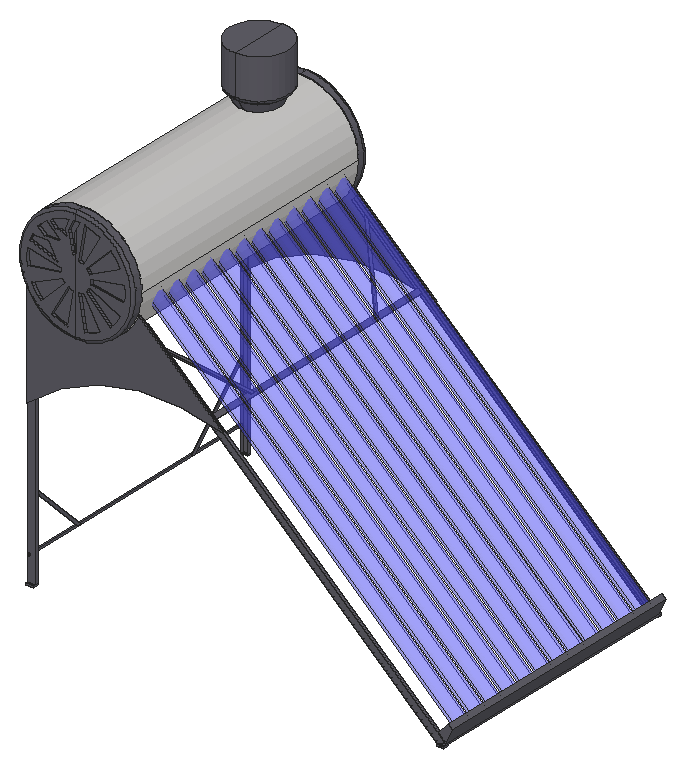
Revit family
Parameters (values of type "1180 X 470 SOL-110-LP")
  Width = 1100 mm
  URL = "http://www.autospec.co.za/browse.php?id=201327504"
  Radius Of Tube = Diameter Of Tube / 2  # 29 mm
  Radius Of Heater = Diameter Of Heater / 2  # 235 mm
  Product Code = "SOL-110-LP"
  Operating Pressure = 0 kPa
  OmniClass Title = ""
  OmniClass Number = ""
  Modspec Classification = ""
  Specification = ""
  Material = Galvanised Steel
  Mass (Kg) = "30"
  Location (revit room) = ""
  Model = "Solar Water Heater Low Pressure Closed Coupled Direct System"
  Manufacturer = "Kwikot"  # constant formula
  Length = 1700 mm
  Height = 1100 mm
  Element Rating = 0 kW
  Width Of Heater = Width + 80 mm  # 1180 mm
  Diameter Of Tube = 58 mm
  Diameter Of Heater = 470 mm
  Cap Material = Metal Black
  Colour = none
  Capacity (Litres) = 110.00 L
  Body Finish = none
  Assembly Code = "D3010500"
Reference planes
  plane 1 "Center (Front/Back)": y = 0
  plane 2 "Bottom": z = 0
  plane 3 "Center (Left/Right)": x = 0
  plane 4 "Right": x = 1700
  plane 5: y = 1100
  plane 6 "Top": z = 1100
  plane 7: y = 550
  plane 8: x = 470
  plane 9: y = 1140
  plane 10: y = -40
  plane 11: x = 235
Forms (mm)
  Extrusion 1, solid, material "Metal Black"
    sketch origin (0, 0, 0) x (1, 0, 0) y (0, 1, 0)
      loop
        line (0, 0) -> (30, 0) -> (30, 20) -> (0, 20) -> (0, 0)
      loop
        line (0, 1100) -> (0, 1090) -> (30, 1090) -> (30, 1100) -> (0, 1100)
      loop
        line (1700, 1100) -> (1670, 1100) -> (1670, 1090) -> (1700, 1090) -> (1700, 1100)
      loop
        line (1700, 0) -> (1700, 20) -> (1670, 20) -> (1670, 0) -> (1700, 0)
    from 0 to 5
  Extrusion 2, solid, material "Metal Black"
    sketch origin (0, 0, 0) x (1, 0, 0) y (0, 1, 0)
      loop
        line (0, 20) -> (0, 10) -> (30, 10) -> (30, 20) -> (27.5, 20) -> (27.5, 12.5) -> (2.5, 12.5) -> (2.5, 20) -> (0, 20)
    from 0 to 1100
  Extrusion 3, solid, material "Metal Black"
    sketch origin (0, 1100, 0) x (1, 0, 0) y (0, 1, 0)
      loop
        line (0, -10) -> (2.5, -10) -> (2.5, -2.5) -> (27.5, -2.5) -> (27.5, -10) -> (30, -10) -> (30, 0) -> (0, 0) -> (0, -10)
    from 0 to 1100
  Extrusion 4, solid, material "Galvanised Steel"
    sketch origin (-115.446, 550, 1200) x (-1, 0, 0) y (0, 0, 1)
      loop
        circle (-350.446, 25) r 235
    from -550 to 550
  Sweep 5, solid, material "Metal Black"
    path origin (0, 0, 0) x (1, 0, 0) y (0, 0, 1)
      loop
        line (470, 1100) -> (1685, 5)
    profile origin (1077.5, 0, 552.5) x (0.669471, 0, 0.742838) y (0, -1, 0)
      loop
        line (15, -10) -> (-15, -10) -> (-15, -20) -> (-12.5, -20) -> (-12.5, -12.5) -> (12.5, -12.5) -> (12.5, -20) -> (15, -20) -> (15, -10)
  Extrusion 6, solid, material "Metal Black"
    sketch origin (0, 0, 0) x (1, 0, 0) y (0, 0, 1)
      loop
        line (793.482, 828.66) -> (452.486, 1135.977)
        arc (452.486, 1135.977) -> (255.225, 990.872) -> (36.003, 1100) r 235
        line (36.003, 1100) -> (0, 1100) -> (0, 660)
        arc (0, 660) -> (374.424, 849.324) -> (793.482, 828.66) r 820
    from -10 to -5
  Sweep 7, solid, material "Metal Black"
    path origin (-115.446, 1100, 1200) x (-1, 0, 0) y (0, 0, 1)
      loop
        line (-585.446, -100) -> (-1800.446, -1195)
    profile origin (1077.5, 1100, 552.5) x (-0.669471, 0, -0.742838) y (0, 1, 0)
      loop
        line (-15, -10) -> (-15, -20) -> (-12.5, -20) -> (-12.5, -12.5) -> (12.5, -12.5) -> (12.5, -20) -> (15, -20) -> (15, -10) -> (-15, -10)
  Extrusion 8, solid, material "Metal Black"
    sketch origin (-115.446, 1100, 1200) x (-1, 0, 0) y (0, 0, 1)
      loop
        arc (-908.928, -371.34) -> (-489.87, -350.676) -> (-115.446, -540) r 820
        line (-115.446, -540) -> (-115.446, -100) -> (-151.448, -100)
        arc (-151.448, -100) -> (-370.671, -209.128) -> (-567.931, -64.023) r 235
        line (-567.931, -64.023) -> (-908.928, -371.34)
    from -10 to -5
  Extrusion 9, solid, material "Metal Black"
    sketch origin (0, 0, 0) x (0, 1, 0) y (0, 0, 1)
      loop
        line (10, 110) -> (10, 100) -> (1090, 100) -> (1090, 110) -> (10, 110)
      loop
        line (1100, 1100) -> (10, 1100) -> (10, 1080) -> (1100, 1080) -> (1100, 1100)
    from 2.5 to 5
  Extrusion 10, solid, material "Metal Black"
    sketch origin (0, 0, 0) x (0, 1, 0) y (0, 0, 1)
      loop
        line (845, 105) -> (1085, 345) -> (1085, 359.142) -> (830.858, 105) -> (845, 105)
      loop
        line (255, 105) -> (269.142, 105) -> (15, 359.142) -> (15, 345) -> (255, 105)
      loop
        line (845, 1095) -> (830.858, 1095) -> (1085, 840.858) -> (1085, 855) -> (845, 1095)
      loop
        line (255, 1095) -> (15, 855) -> (15, 840.858) -> (269.142, 1095) -> (255, 1095)
    from 5 to 7.5
  Revolve 11, solid, material "Metal Black"
    sketch origin (235, -179.961, 1200) x (0, -1, 0) y (0, 0, 1)
      loop
        line (-1279.961, 25) -> (-1279.961, 260) -> (-1309.961, 260)
        arc (-1309.961, 260) -> (-1317.032, 257.071) -> (-1319.961, 250) r 10
        line (-1319.961, 250) -> (-1319.961, 25) -> (-1279.961, 25)
      axis (-1319.961, 25) -> (-1279.961, 25)
    angle from 0 to 360
  Revolve 12, solid, material "Metal Black"
    sketch origin (235, 1279.961, 1200) x (0, 1, 0) y (0, 0, -1)
      loop
        line (-1279.961, -25) -> (-1319.961, -25) -> (-1319.961, -250)
        arc (-1319.961, -250) -> (-1317.032, -257.071) -> (-1309.961, -260) r 10
        line (-1309.961, -260) -> (-1279.961, -260) -> (-1279.961, -25)
      axis (-1319.961, -25) -> (-1279.961, -25)
    angle from 0 to 360
  Extrusion 13, solid, material "Metal Black"
    sketch origin (461.632, 1080, 1090.715) x (0.742838, 0, -0.669471) y (0, 1, 0)
      loop
        line (352.68, 7.5) -> (352.68, -1067.5) -> (372.68, -1067.5) -> (372.68, 7.5) -> (352.68, 7.5)
    from 0 to 2.5
  Extrusion 14, solid, material "Metal Black"
    sketch origin (463.305, 1080, 1092.572) x (0.742838, 0, -0.669471) y (0, 1, 0)
      loop
        line (362.68, -849.979) -> (362.68, -837.457) -> (60.72, -1065) -> (77.337, -1065) -> (362.68, -849.979)
      loop
        line (80.654, 2.5) -> (64.038, 2.5) -> (362.68, -222.543) -> (362.68, -210.021) -> (80.654, 2.5)
    from 2.5 to -2.5
  Extrusion 15, solid, material "Metal Black"
    sketch origin (0, 0, 0) x (1, 0, 0) y (0, 1, 0)
      loop
        line (1700, 1100) -> (1685, 1100) -> (1685, 0) -> (1700, 0) -> (1700, 1100)
    from 5 to 10
  Extrusion 16, solid, material "Metal Black"
    sketch origin (-115.446, 550, 1200) x (-1, 0, 0) y (0, 0, 1)
      loop
        line (-1784.13, -1160.103) -> (-1827.704, -1111.753) -> (-1843.695, -1127.744) -> (-1815.446, -1188.326) -> (-1784.13, -1160.103)
    from -540 to 540
  Sweep 17, solid, material "Glass"
    path origin (480.042, 10, 1111.143) x (0.742838, 0, -0.669471) y (0, 1, 0)
      loop
        line (1607.665, 0) -> (-92.335, 0)
    profile origin (1042.865, 10, 603.907) x (0, -1, 0) y (0.669471, 0, 0.742838)
      loop
        circle (-84.5, 25) r 29
  Sweep 18, solid, material "Glass"
    path origin (480.042, 94.5, 1111.143) x (0.742838, 0, -0.669471) y (0, 1, 0)
      loop
        line (1607.665, 0) -> (-92.335, 0)
    profile origin (1042.865, 94.5, 603.907) x (0, -1, 0) y (0.669471, 0, 0.742838)
      loop
        circle (-84.5, 25) r 29
  Sweep 19, solid, material "Glass"
    path origin (480.042, 179, 1111.143) x (0.742838, 0, -0.669471) y (0, 1, 0)
      loop
        line (1607.665, 0) -> (-92.335, 0)
    profile origin (1042.865, 179, 603.907) x (0, -1, 0) y (0.669471, 0, 0.742838)
      loop
        circle (-84.5, 25) r 29
  Sweep 20, solid, material "Glass"
    path origin (480.042, 263.5, 1111.143) x (0.742838, 0, -0.669471) y (0, 1, 0)
      loop
        line (1607.665, 0) -> (-92.335, 0)
    profile origin (1042.865, 263.5, 603.907) x (0, -1, 0) y (0.669471, 0, 0.742838)
      loop
        circle (-84.5, 25) r 29
  Sweep 21, solid, material "Glass"
    path origin (480.042, 348, 1111.143) x (0.742838, 0, -0.669471) y (0, 1, 0)
      loop
        line (1607.665, 0) -> (-92.335, 0)
    profile origin (1042.865, 348, 603.907) x (0, -1, 0) y (0.669471, 0, 0.742838)
      loop
        circle (-84.5, 25) r 29
  Sweep 22, solid, material "Glass"
    path origin (480.042, 432.5, 1111.143) x (0.742838, 0, -0.669471) y (0, 1, 0)
      loop
        line (1607.665, 0) -> (-92.335, 0)
    profile origin (1042.865, 432.5, 603.907) x (0, -1, 0) y (0.669471, 0, 0.742838)
      loop
        circle (-84.5, 25) r 29
  Sweep 23, solid, material "Glass"
    path origin (480.042, 517, 1111.143) x (0.742838, 0, -0.669471) y (0, 1, 0)
      loop
        line (1607.665, 0) -> (-92.335, 0)
    profile origin (1042.865, 517, 603.907) x (0, -1, 0) y (0.669471, 0, 0.742838)
      loop
        circle (-84.5, 25) r 29
  Sweep 24, solid, material "Glass"
    path origin (480.042, 601.5, 1111.143) x (0.742838, 0, -0.669471) y (0, 1, 0)
      loop
        line (1607.665, 0) -> (-92.335, 0)
    profile origin (1042.865, 601.5, 603.907) x (0, -1, 0) y (0.669471, 0, 0.742838)
      loop
        circle (-84.5, 25) r 29
  Sweep 25, solid, material "Glass"
    path origin (480.042, 686, 1111.143) x (0.742838, 0, -0.669471) y (0, 1, 0)
      loop
        line (1607.665, 0) -> (-92.335, 0)
    profile origin (1042.865, 686, 603.907) x (0, -1, 0) y (0.669471, 0, 0.742838)
      loop
        circle (-84.5, 25) r 29
  Sweep 26, solid, material "Glass"
    path origin (480.042, 770.5, 1111.143) x (0.742838, 0, -0.669471) y (0, 1, 0)
      loop
        line (1607.665, 0) -> (-92.335, 0)
    profile origin (1042.865, 770.5, 603.907) x (0, -1, 0) y (0.669471, 0, 0.742838)
      loop
        circle (-84.5, 25) r 29
  Sweep 27, solid, material "Glass"
    path origin (480.042, 855, 1111.143) x (0.742838, 0, -0.669471) y (0, 1, 0)
      loop
        line (1607.665, 0) -> (-92.335, 0)
    profile origin (1042.865, 855, 603.907) x (0, -1, 0) y (0.669471, 0, 0.742838)
      loop
        circle (-84.5, 25) r 29
  Sweep 28, solid, material "Glass"
    path origin (480.042, 939.5, 1111.143) x (0.742838, 0, -0.669471) y (0, 1, 0)
      loop
        line (1607.665, 0) -> (-92.335, 0)
    profile origin (1042.865, 939.5, 603.907) x (0, -1, 0) y (0.669471, 0, 0.742838)
      loop
        circle (-84.5, 25) r 29
  Revolve 29, solid, material "Metal Black"
    sketch origin (235, -179.961, 1200) x (0, -1, 0) y (0, 0, 1)
      loop
        line (-1069.961, 480.137) -> (-1189.961, 480.137) -> (-1189.961, 318.335)
        arc (-1189.961, 318.335) -> (-1188.15, 312.597) -> (-1183.375, 308.936) r 10
        arc (-1183.375, 308.936) -> (-1176.695, 304.888) -> (-1172.076, 298.59) r 20
        line (-1172.076, 298.59) -> (-1154.145, 260.137) -> (-1069.961, 260.137) -> (-1069.961, 480.137)
      axis (-1069.961, 260.137) -> (-1069.961, 480.137)
    angle from 0 to 360
  Extrusion 30, void
    sketch origin (3514.885, -40, 1200) x (-1, 0, 0) y (0, 0, 1)
      loop
        arc (3290.859, 224.699) -> (3275.19, 224.945) -> (3259.551, 223.964) r 200
        line (3259.551, 223.964) -> (3287.051, 176.332) -> (3279.885, 106.265)
        arc (3279.885, 106.265) -> (3286.112, 97.886) -> (3295.01, 103.345) r 7.733
        line (3295.01, 103.345) -> (3310.215, 182.099) -> (3290.859, 224.699)
      loop
        line (3237.459, 66.089) -> (3138.464, 166.421)
        arc (3138.464, 166.421) -> (3116.055, 139.715) -> (3098.623, 109.524) r 200
        line (3098.623, 109.524) -> (3225.506, 48.05)
        arc (3225.506, 48.05) -> (3230.649, 57.621) -> (3237.459, 66.089) r 59.062
      loop
        line (3220.796, 33.111) -> (3082.923, 59.73)
        arc (3082.923, 59.73) -> (3079.885, 25) -> (3082.923, -9.73) r 200
        line (3082.923, -9.73) -> (3221.394, 13.338)
        arc (3221.394, 13.338) -> (3220.269, 23.2) -> (3220.796, 33.111) r 59.643
      loop
        arc (3249.885, 75.624) -> (3259.349, 80.146) -> (3269.466, 82.916) r 58.846
        line (3269.466, 82.916) -> (3245.155, 221.962)
        arc (3245.155, 221.962) -> (3211.481, 212.939) -> (3179.885, 198.205) r 200
        line (3179.885, 198.205) -> (3249.885, 75.624)
      loop
        line (3245.155, -171.962) -> (3269.466, -34.088)
        arc (3269.466, -34.088) -> (3259.364, -31.382) -> (3249.885, -26.962) r 60
        line (3249.885, -26.962) -> (3179.885, -148.205)
        arc (3179.885, -148.205) -> (3211.481, -162.939) -> (3245.155, -171.962) r 200
      loop
        arc (3237.459, -17.426) -> (3231.134, -9.977) -> (3226.104, -1.6) r 60
        line (3226.104, -1.6) -> (3098.623, -59.524)
        arc (3098.623, -59.524) -> (3116.055, -89.715) -> (3138.464, -116.421) r 200
        line (3138.464, -116.421) -> (3237.459, -17.426)
      loop
        arc (3314.615, -171.962) -> (3348.289, -162.939) -> (3379.885, -148.205) r 200
        line (3379.885, -148.205) -> (3309.885, -26.962)
        arc (3309.885, -26.962) -> (3300.406, -31.382) -> (3290.304, -34.088) r 60
        line (3290.304, -34.088) -> (3314.615, -171.962)
      loop
        line (3322.311, -17.426) -> (3421.306, -116.421)
        arc (3421.306, -116.421) -> (3443.715, -89.715) -> (3461.146, -59.524) r 200
        line (3461.146, -59.524) -> (3333.666, -1.6)
        arc (3333.666, -1.6) -> (3328.635, -9.977) -> (3322.311, -17.426) r 60
      loop
        arc (3338.973, 33.111) -> (3339.5, 23.2) -> (3338.376, 13.338) r 59.643
        line (3338.376, 13.338) -> (3476.846, -9.73)
        arc (3476.846, -9.73) -> (3479.885, 25) -> (3476.846, 59.73) r 200
        line (3476.846, 59.73) -> (3338.973, 33.111)
      loop
        arc (3468.989, 90.114) -> (3463.808, 103.563) -> (3457.673, 116.604) r 200
        line (3457.673, 116.604) -> (3393.007, 116.604) -> (3355.065, 50.886) -> (3468.989, 90.114)
      loop
        line (3405.718, 126.898) -> (3435.314, 150.864)
        arc (3435.314, 150.864) -> (3417.715, 169.924) -> (3397.797, 186.545) r 200
        line (3397.797, 186.545) -> (3338.15, 126.898) -> (3405.718, 126.898)
      loop
        arc (3388.243, 193.103) -> (3348.017, 213.037) -> (3304.358, 223.497) r 200
        line (3304.358, 223.497) -> (3322.973, 182.528) -> (3316.393, 158.471)
        arc (3316.393, 158.471) -> (3338.038, 167.603) -> (3361.498, 166.357) r 52.389
        line (3361.498, 166.357) -> (3388.243, 193.103)
    from 0 to 10
  Extrusion 31, void
    sketch origin (-115.446, 1140, 1200) x (1, 0, 0) y (0, 0, 1)
      loop
        line (408.937, 13.338) -> (547.407, -9.73)
        arc (547.407, -9.73) -> (550.446, 25) -> (547.407, 59.73) r 200
        line (547.407, 59.73) -> (409.534, 33.111)
        arc (409.534, 33.111) -> (410.061, 23.2) -> (408.937, 13.338) r 59.643
      loop
        line (531.707, -59.524) -> (404.227, -1.6)
        arc (404.227, -1.6) -> (399.196, -9.977) -> (392.872, -17.426) r 60
        line (392.872, -17.426) -> (491.867, -116.421)
        arc (491.867, -116.421) -> (514.276, -89.715) -> (531.707, -59.524) r 200
      loop
        line (404.824, 48.05) -> (531.707, 109.524)
        arc (531.707, 109.524) -> (514.276, 139.715) -> (491.867, 166.421) r 200
        line (491.867, 166.421) -> (392.872, 66.089)
        arc (392.872, 66.089) -> (399.682, 57.621) -> (404.824, 48.05) r 59.062
      loop
        line (380.446, 75.624) -> (450.446, 198.205)
        arc (450.446, 198.205) -> (418.85, 212.939) -> (385.175, 221.962) r 200
        line (385.175, 221.962) -> (360.865, 82.916)
        arc (360.865, 82.916) -> (370.982, 80.146) -> (380.446, 75.624) r 58.846
      loop
        line (350.446, 106.265) -> (343.28, 176.332) -> (370.78, 223.964)
        arc (370.78, 223.964) -> (355.14, 224.945) -> (339.472, 224.699) r 200
        line (339.472, 224.699) -> (320.116, 182.099) -> (335.32, 103.345)
        arc (335.32, 103.345) -> (344.219, 97.886) -> (350.446, 106.265) r 7.733
      loop
        line (307.357, 182.528) -> (325.973, 223.497)
        arc (325.973, 223.497) -> (282.314, 213.037) -> (242.088, 193.103) r 200
        line (242.088, 193.103) -> (268.833, 166.357)
        arc (268.833, 166.357) -> (292.292, 167.603) -> (313.937, 158.471) r 52.389
        line (313.937, 158.471) -> (307.357, 182.528)
      loop
        line (292.18, 126.898) -> (232.534, 186.545)
        arc (232.534, 186.545) -> (212.616, 169.924) -> (195.017, 150.864) r 200
        line (195.017, 150.864) -> (224.612, 126.898) -> (292.18, 126.898)
      loop
        line (275.266, 50.886) -> (237.324, 116.604) -> (172.658, 116.604)
        arc (172.658, 116.604) -> (166.522, 103.563) -> (161.342, 90.114) r 200
        line (161.342, 90.114) -> (275.266, 50.886)
      loop
        line (153.484, -9.73) -> (291.954, 13.338)
        arc (291.954, 13.338) -> (290.83, 23.2) -> (291.357, 33.111) r 59.643
        line (291.357, 33.111) -> (153.484, 59.73)
        arc (153.484, 59.73) -> (150.446, 25) -> (153.484, -9.73) r 200
      loop
        line (209.024, -116.421) -> (308.019, -17.426)
        arc (308.019, -17.426) -> (301.695, -9.977) -> (296.664, -1.6) r 60
        line (296.664, -1.6) -> (169.184, -59.524)
        arc (169.184, -59.524) -> (186.615, -89.715) -> (209.024, -116.421) r 200
      loop
        line (320.446, -26.962) -> (250.446, -148.205)
        arc (250.446, -148.205) -> (282.042, -162.939) -> (315.716, -171.962) r 200
        line (315.716, -171.962) -> (340.027, -34.088)
        arc (340.027, -34.088) -> (329.925, -31.382) -> (320.446, -26.962) r 60
      loop
        line (450.446, -148.205) -> (380.446, -26.962)
        arc (380.446, -26.962) -> (370.967, -31.382) -> (360.865, -34.088) r 60
        line (360.865, -34.088) -> (385.175, -171.962)
        arc (385.175, -171.962) -> (418.85, -162.939) -> (450.446, -148.205) r 200
    from 0 to 10
Cuts and joins
  Extrusion 30 cuts Revolve 12
  Extrusion 31 cuts Revolve 11
Lines and regions (mm)
  symbolic lines
    curve 1: line (0, 1130, 1100) -> (0, -30, 1100)
    curve 2: line (10, 1140, 1100) -> (460, 1140, 1100)
    curve 3: arc (235, 805.815, 1100) -> (319.185, 890, 1100) -> (235, 974.185, 1100) r 84.185
    curve 4: arc (235, 974.185, 1100) -> (150.815, 890, 1100) -> (235, 805.815, 1100) r 84.185
    curve 5: arc (235, 770, 1100) -> (115, 890, 1100) -> (235, 1010, 1100) r 120
    curve 6: arc (235, 1010, 1100) -> (355, 890, 1100) -> (235, 770, 1100) r 120
    curve 7: line (470, -30, 1100) -> (470, 1130, 1100)
    curve 8: line (460, -40, 1100) -> (10, -40, 1100)
    curve 9: arc (10, -40, 1100) -> (2.929, -37.071, 1100) -> (0, -30, 1100) r 10
    curve 10: arc (460, -40, 1100) -> (467.071, -37.071, 1100) -> (470, -30, 1100) r 10
    curve 11: arc (470, 1130, 1100) -> (467.071, 1137.071, 1100) -> (460, 1140, 1100) r 10
    curve 12: arc (0, 1130, 1100) -> (2.929, 1137.071, 1100) -> (10, 1140, 1100) r 10
    curve 13: line (470, 1100, 1100) -> (0, 1100, 1100)
    curve 14: line (470, 0, 1100) -> (0, 0, 1100)
    curve 15: spline (1691.014, 65.5, 0) -> (1685.989, 66.488, 0) -> (1681.306, 69.385, 0) -> (1677.285, 73.994, 0) -> (1674.2, 80, 0) -> (1672.261, 86.994, 0) -> (1671.599, 94.5, 0) -> (1672.261, 102.006, 0) -> (1674.2, 109, 0) -> (1677.285, 115.006, 0) -> (1681.306, 119.615, 0) -> (1685.989, 122.512, 0) -> (1691.014, 123.5, 0)
    curve 16: spline (1691.014, 123.5, 0) -> (1696.039, 122.512, 0) -> (1700.721, 119.615, 0) -> (1704.742, 115.006, 0) -> (1707.827, 109, 0) -> (1709.767, 102.006, 0) -> (1710.428, 94.5, 0) -> (1709.767, 86.994, 0) -> (1707.827, 80, 0) -> (1704.742, 73.994, 0) -> (1700.721, 69.385, 0) -> (1696.039, 66.488, 0) -> (1691.014, 65.5, 0)
    curve 17: spline (428.189, 65.5, 0) -> (433.214, 66.488, 0) -> (437.897, 69.385, 0) -> (441.917, 73.994, 0) -> (445.003, 80, 0) -> (446.942, 86.994, 0) -> (447.604, 94.5, 0) -> (446.942, 102.006, 0) -> (445.003, 109, 0) -> (441.917, 115.006, 0) -> (437.897, 119.615, 0) -> (433.214, 122.512, 0) -> (428.189, 123.5, 0)
    curve 18: spline (428.189, 123.5, 0) -> (423.164, 122.512, 0) -> (418.482, 119.615, 0) -> (414.461, 115.006, 0) -> (411.376, 109, 0) -> (409.436, 102.006, 0) -> (408.775, 94.5, 0) -> (409.436, 86.994, 0) -> (411.376, 80, 0) -> (414.461, 73.994, 0) -> (418.482, 69.385, 0) -> (423.164, 66.488, 0) -> (428.189, 65.5, 0)
    curve 19: line (428.189, 123.5, 0) -> (1691.014, 123.5, 0)
    curve 20: line (1691.014, 65.5, 0) -> (428.189, 65.5, 0)
    curve 21: spline (1691.014, 150, 0) -> (1685.989, 150.988, 0) -> (1681.306, 153.885, 0) -> (1677.285, 158.494, 0) -> (1674.2, 164.5, 0) -> (1672.261, 171.494, 0) -> (1671.599, 179, 0) -> (1672.261, 186.506, 0) -> (1674.2, 193.5, 0) -> (1677.285, 199.506, 0) -> (1681.306, 204.115, 0) -> (1685.989, 207.012, 0) -> (1691.014, 208, 0)
    curve 22: spline (1691.014, 208, 0) -> (1696.039, 207.012, 0) -> (1700.721, 204.115, 0) -> (1704.742, 199.506, 0) -> (1707.827, 193.5, 0) -> (1709.767, 186.506, 0) -> (1710.428, 179, 0) -> (1709.767, 171.494, 0) -> (1707.827, 164.5, 0) -> (1704.742, 158.494, 0) -> (1700.721, 153.885, 0) -> (1696.039, 150.988, 0) -> (1691.014, 150, 0)
    curve 23: spline (428.189, 150, 0) -> (433.214, 150.988, 0) -> (437.897, 153.885, 0) -> (441.917, 158.494, 0) -> (445.003, 164.5, 0) -> (446.942, 171.494, 0) -> (447.604, 179, 0) -> (446.942, 186.506, 0) -> (445.003, 193.5, 0) -> (441.917, 199.506, 0) -> (437.897, 204.115, 0) -> (433.214, 207.012, 0) -> (428.189, 208, 0)
    curve 24: spline (428.189, 208, 0) -> (423.164, 207.012, 0) -> (418.482, 204.115, 0) -> (414.461, 199.506, 0) -> (411.376, 193.5, 0) -> (409.436, 186.506, 0) -> (408.775, 179, 0) -> (409.436, 171.494, 0) -> (411.376, 164.5, 0) -> (414.461, 158.494, 0) -> (418.482, 153.885, 0) -> (423.164, 150.988, 0) -> (428.189, 150, 0)
    curve 25: line (428.189, 208, 0) -> (1691.014, 208, 0)
    curve 26: line (1691.014, 150, 0) -> (428.189, 150, 0)
    curve 27: spline (1691.014, 234.5, 0) -> (1685.989, 235.488, 0) -> (1681.306, 238.385, 0) -> (1677.285, 242.994, 0) -> (1674.2, 249, 0) -> (1672.261, 255.994, 0) -> (1671.599, 263.5, 0) -> (1672.261, 271.006, 0) -> (1674.2, 278, 0) -> (1677.285, 284.006, 0) -> (1681.306, 288.615, 0) -> (1685.989, 291.512, 0) -> (1691.014, 292.5, 0)
    curve 28: spline (1691.014, 292.5, 0) -> (1696.039, 291.512, 0) -> (1700.721, 288.615, 0) -> (1704.742, 284.006, 0) -> (1707.827, 278, 0) -> (1709.767, 271.006, 0) -> (1710.428, 263.5, 0) -> (1709.767, 255.994, 0) -> (1707.827, 249, 0) -> (1704.742, 242.994, 0) -> (1700.721, 238.385, 0) -> (1696.039, 235.488, 0) -> (1691.014, 234.5, 0)
    curve 29: spline (428.189, 234.5, 0) -> (433.214, 235.488, 0) -> (437.897, 238.385, 0) -> (441.917, 242.994, 0) -> (445.003, 249, 0) -> (446.942, 255.994, 0) -> (447.604, 263.5, 0) -> (446.942, 271.006, 0) -> (445.003, 278, 0) -> (441.917, 284.006, 0) -> (437.897, 288.615, 0) -> (433.214, 291.512, 0) -> (428.189, 292.5, 0)
    curve 30: spline (428.189, 292.5, 0) -> (423.164, 291.512, 0) -> (418.482, 288.615, 0) -> (414.461, 284.006, 0) -> (411.376, 278, 0) -> (409.436, 271.006, 0) -> (408.775, 263.5, 0) -> (409.436, 255.994, 0) -> (411.376, 249, 0) -> (414.461, 242.994, 0) -> (418.482, 238.385, 0) -> (423.164, 235.488, 0) -> (428.189, 234.5, 0)
    curve 31: line (428.189, 292.5, 0) -> (1691.014, 292.5, 0)
    curve 32: line (1691.014, 234.5, 0) -> (428.189, 234.5, 0)
    curve 33: spline (1691.014, 319, 0) -> (1685.989, 319.988, 0) -> (1681.306, 322.885, 0) -> (1677.285, 327.494, 0) -> (1674.2, 333.5, 0) -> (1672.261, 340.494, 0) -> (1671.599, 348, 0) -> (1672.261, 355.506, 0) -> (1674.2, 362.5, 0) -> (1677.285, 368.506, 0) -> (1681.306, 373.115, 0) -> (1685.989, 376.012, 0) -> (1691.014, 377, 0)
    curve 34: spline (1691.014, 377, 0) -> (1696.039, 376.012, 0) -> (1700.721, 373.115, 0) -> (1704.742, 368.506, 0) -> (1707.827, 362.5, 0) -> (1709.767, 355.506, 0) -> (1710.428, 348, 0) -> (1709.767, 340.494, 0) -> (1707.827, 333.5, 0) -> (1704.742, 327.494, 0) -> (1700.721, 322.885, 0) -> (1696.039, 319.988, 0) -> (1691.014, 319, 0)
    curve 35: spline (428.189, 319, 0) -> (433.214, 319.988, 0) -> (437.897, 322.885, 0) -> (441.917, 327.494, 0) -> (445.003, 333.5, 0) -> (446.942, 340.494, 0) -> (447.604, 348, 0) -> (446.942, 355.506, 0) -> (445.003, 362.5, 0) -> (441.917, 368.506, 0) -> (437.897, 373.115, 0) -> (433.214, 376.012, 0) -> (428.189, 377, 0)
    curve 36: spline (428.189, 377, 0) -> (423.164, 376.012, 0) -> (418.482, 373.115, 0) -> (414.461, 368.506, 0) -> (411.376, 362.5, 0) -> (409.436, 355.506, 0) -> (408.775, 348, 0) -> (409.436, 340.494, 0) -> (411.376, 333.5, 0) -> (414.461, 327.494, 0) -> (418.482, 322.885, 0) -> (423.164, 319.988, 0) -> (428.189, 319, 0)
    curve 37: line (428.189, 377, 0) -> (1691.014, 377, 0)
    curve 38: line (1691.014, 319, 0) -> (428.189, 319, 0)
    curve 39: spline (1691.014, 403.5, 0) -> (1685.989, 404.488, 0) -> (1681.306, 407.385, 0) -> (1677.285, 411.994, 0) -> (1674.2, 418, 0) -> (1672.261, 424.994, 0) -> (1671.599, 432.5, 0) -> (1672.261, 440.006, 0) -> (1674.2, 447, 0) -> (1677.285, 453.006, 0) -> (1681.306, 457.615, 0) -> (1685.989, 460.512, 0) -> (1691.014, 461.5, 0)
    curve 40: spline (1691.014, 461.5, 0) -> (1696.039, 460.512, 0) -> (1700.721, 457.615, 0) -> (1704.742, 453.006, 0) -> (1707.827, 447, 0) -> (1709.767, 440.006, 0) -> (1710.428, 432.5, 0) -> (1709.767, 424.994, 0) -> (1707.827, 418, 0) -> (1704.742, 411.994, 0) -> (1700.721, 407.385, 0) -> (1696.039, 404.488, 0) -> (1691.014, 403.5, 0)
    curve 41: spline (428.189, 403.5, 0) -> (433.214, 404.488, 0) -> (437.897, 407.385, 0) -> (441.917, 411.994, 0) -> (445.003, 418, 0) -> (446.942, 424.994, 0) -> (447.604, 432.5, 0) -> (446.942, 440.006, 0) -> (445.003, 447, 0) -> (441.917, 453.006, 0) -> (437.897, 457.615, 0) -> (433.214, 460.512, 0) -> (428.189, 461.5, 0)
    curve 42: spline (428.189, 461.5, 0) -> (423.164, 460.512, 0) -> (418.482, 457.615, 0) -> (414.461, 453.006, 0) -> (411.376, 447, 0) -> (409.436, 440.006, 0) -> (408.775, 432.5, 0) -> (409.436, 424.994, 0) -> (411.376, 418, 0) -> (414.461, 411.994, 0) -> (418.482, 407.385, 0) -> (423.164, 404.488, 0) -> (428.189, 403.5, 0)
    curve 43: line (428.189, 461.5, 0) -> (1691.014, 461.5, 0)
    curve 44: line (1691.014, 403.5, 0) -> (428.189, 403.5, 0)
    curve 45: spline (1691.014, 488, 0) -> (1685.989, 488.988, 0) -> (1681.306, 491.885, 0) -> (1677.285, 496.494, 0) -> (1674.2, 502.5, 0) -> (1672.261, 509.494, 0) -> (1671.599, 517, 0) -> (1672.261, 524.506, 0) -> (1674.2, 531.5, 0) -> (1677.285, 537.506, 0) -> (1681.306, 542.115, 0) -> (1685.989, 545.012, 0) -> (1691.014, 546, 0)
    curve 46: spline (1691.014, 546, 0) -> (1696.039, 545.012, 0) -> (1700.721, 542.115, 0) -> (1704.742, 537.506, 0) -> (1707.827, 531.5, 0) -> (1709.767, 524.506, 0) -> (1710.428, 517, 0) -> (1709.767, 509.494, 0) -> (1707.827, 502.5, 0) -> (1704.742, 496.494, 0) -> (1700.721, 491.885, 0) -> (1696.039, 488.988, 0) -> (1691.014, 488, 0)
    curve 47: spline (428.189, 488, 0) -> (433.214, 488.988, 0) -> (437.897, 491.885, 0) -> (441.917, 496.494, 0) -> (445.003, 502.5, 0) -> (446.942, 509.494, 0) -> (447.604, 517, 0) -> (446.942, 524.506, 0) -> (445.003, 531.5, 0) -> (441.917, 537.506, 0) -> (437.897, 542.115, 0) -> (433.214, 545.012, 0) -> (428.189, 546, 0)
    curve 48: spline (428.189, 546, 0) -> (423.164, 545.012, 0) -> (418.482, 542.115, 0) -> (414.461, 537.506, 0) -> (411.376, 531.5, 0) -> (409.436, 524.506, 0) -> (408.775, 517, 0) -> (409.436, 509.494, 0) -> (411.376, 502.5, 0) -> (414.461, 496.494, 0) -> (418.482, 491.885, 0) -> (423.164, 488.988, 0) -> (428.189, 488, 0)
    curve 49: line (428.189, 546, 0) -> (1691.014, 546, 0)
    curve 50: line (1691.014, 488, 0) -> (428.189, 488, 0)
    curve 51: spline (1691.014, 572.5, 0) -> (1685.989, 573.488, 0) -> (1681.306, 576.385, 0) -> (1677.285, 580.994, 0) -> (1674.2, 587, 0) -> (1672.261, 593.994, 0) -> (1671.599, 601.5, 0) -> (1672.261, 609.006, 0) -> (1674.2, 616, 0) -> (1677.285, 622.006, 0) -> (1681.306, 626.615, 0) -> (1685.989, 629.512, 0) -> (1691.014, 630.5, 0)
    curve 52: spline (1691.014, 630.5, 0) -> (1696.039, 629.512, 0) -> (1700.721, 626.615, 0) -> (1704.742, 622.006, 0) -> (1707.827, 616, 0) -> (1709.767, 609.006, 0) -> (1710.428, 601.5, 0) -> (1709.767, 593.994, 0) -> (1707.827, 587, 0) -> (1704.742, 580.994, 0) -> (1700.721, 576.385, 0) -> (1696.039, 573.488, 0) -> (1691.014, 572.5, 0)
    curve 53: spline (428.189, 572.5, 0) -> (433.214, 573.488, 0) -> (437.897, 576.385, 0) -> (441.917, 580.994, 0) -> (445.003, 587, 0) -> (446.942, 593.994, 0) -> (447.604, 601.5, 0) -> (446.942, 609.006, 0) -> (445.003, 616, 0) -> (441.917, 622.006, 0) -> (437.897, 626.615, 0) -> (433.214, 629.512, 0) -> (428.189, 630.5, 0)
    curve 54: spline (428.189, 630.5, 0) -> (423.164, 629.512, 0) -> (418.482, 626.615, 0) -> (414.461, 622.006, 0) -> (411.376, 616, 0) -> (409.436, 609.006, 0) -> (408.775, 601.5, 0) -> (409.436, 593.994, 0) -> (411.376, 587, 0) -> (414.461, 580.994, 0) -> (418.482, 576.385, 0) -> (423.164, 573.488, 0) -> (428.189, 572.5, 0)
    curve 55: line (428.189, 630.5, 0) -> (1691.014, 630.5, 0)
    curve 56: line (1691.014, 572.5, 0) -> (428.189, 572.5, 0)
    curve 57: spline (1691.014, 657, 0) -> (1685.989, 657.988, 0) -> (1681.306, 660.885, 0) -> (1677.285, 665.494, 0) -> (1674.2, 671.5, 0) -> (1672.261, 678.494, 0) -> (1671.599, 686, 0) -> (1672.261, 693.506, 0) -> (1674.2, 700.5, 0) -> (1677.285, 706.506, 0) -> (1681.306, 711.115, 0) -> (1685.989, 714.012, 0) -> (1691.014, 715, 0)
    curve 58: spline (1691.014, 715, 0) -> (1696.039, 714.012, 0) -> (1700.721, 711.115, 0) -> (1704.742, 706.506, 0) -> (1707.827, 700.5, 0) -> (1709.767, 693.506, 0) -> (1710.428, 686, 0) -> (1709.767, 678.494, 0) -> (1707.827, 671.5, 0) -> (1704.742, 665.494, 0) -> (1700.721, 660.885, 0) -> (1696.039, 657.988, 0) -> (1691.014, 657, 0)
    curve 59: spline (428.189, 657, 0) -> (433.214, 657.988, 0) -> (437.897, 660.885, 0) -> (441.917, 665.494, 0) -> (445.003, 671.5, 0) -> (446.942, 678.494, 0) -> (447.604, 686, 0) -> (446.942, 693.506, 0) -> (445.003, 700.5, 0) -> (441.917, 706.506, 0) -> (437.897, 711.115, 0) -> (433.214, 714.012, 0) -> (428.189, 715, 0)
    curve 60: spline (428.189, 715, 0) -> (423.164, 714.012, 0) -> (418.482, 711.115, 0) -> (414.461, 706.506, 0) -> (411.376, 700.5, 0) -> (409.436, 693.506, 0) -> (408.775, 686, 0) -> (409.436, 678.494, 0) -> (411.376, 671.5, 0) -> (414.461, 665.494, 0) -> (418.482, 660.885, 0) -> (423.164, 657.988, 0) -> (428.189, 657, 0)
    curve 61: line (428.189, 715, 0) -> (1691.014, 715, 0)
    curve 62: line (1691.014, 657, 0) -> (428.189, 657, 0)
    curve 63: spline (1691.014, 741.5, 0) -> (1685.989, 742.488, 0) -> (1681.306, 745.385, 0) -> (1677.285, 749.994, 0) -> (1674.2, 756, 0) -> (1672.261, 762.994, 0) -> (1671.599, 770.5, 0) -> (1672.261, 778.006, 0) -> (1674.2, 785, 0) -> (1677.285, 791.006, 0) -> (1681.306, 795.615, 0) -> (1685.989, 798.512, 0) -> (1691.014, 799.5, 0)
    curve 64: spline (1691.014, 799.5, 0) -> (1696.039, 798.512, 0) -> (1700.721, 795.615, 0) -> (1704.742, 791.006, 0) -> (1707.827, 785, 0) -> (1709.767, 778.006, 0) -> (1710.428, 770.5, 0) -> (1709.767, 762.994, 0) -> (1707.827, 756, 0) -> (1704.742, 749.994, 0) -> (1700.721, 745.385, 0) -> (1696.039, 742.488, 0) -> (1691.014, 741.5, 0)
    curve 65: spline (428.189, 741.5, 0) -> (433.214, 742.488, 0) -> (437.897, 745.385, 0) -> (441.917, 749.994, 0) -> (445.003, 756, 0) -> (446.942, 762.994, 0) -> (447.604, 770.5, 0) -> (446.942, 778.006, 0) -> (445.003, 785, 0) -> (441.917, 791.006, 0) -> (437.897, 795.615, 0) -> (433.214, 798.512, 0) -> (428.189, 799.5, 0)
    curve 66: spline (428.189, 799.5, 0) -> (423.164, 798.512, 0) -> (418.482, 795.615, 0) -> (414.461, 791.006, 0) -> (411.376, 785, 0) -> (409.436, 778.006, 0) -> (408.775, 770.5, 0) -> (409.436, 762.994, 0) -> (411.376, 756, 0) -> (414.461, 749.994, 0) -> (418.482, 745.385, 0) -> (423.164, 742.488, 0) -> (428.189, 741.5, 0)
    curve 67: line (428.189, 799.5, 0) -> (1691.014, 799.5, 0)
    curve 68: line (1691.014, 741.5, 0) -> (428.189, 741.5, 0)
    curve 69: spline (1691.014, 826, 0) -> (1685.989, 826.988, 0) -> (1681.306, 829.885, 0) -> (1677.285, 834.494, 0) -> (1674.2, 840.5, 0) -> (1672.261, 847.494, 0) -> (1671.599, 855, 0) -> (1672.261, 862.506, 0) -> (1674.2, 869.5, 0) -> (1677.285, 875.506, 0) -> (1681.306, 880.115, 0) -> (1685.989, 883.012, 0) -> (1691.014, 884, 0)
    curve 70: spline (1691.014, 884, 0) -> (1696.039, 883.012, 0) -> (1700.721, 880.115, 0) -> (1704.742, 875.506, 0) -> (1707.827, 869.5, 0) -> (1709.767, 862.506, 0) -> (1710.428, 855, 0) -> (1709.767, 847.494, 0) -> (1707.827, 840.5, 0) -> (1704.742, 834.494, 0) -> (1700.721, 829.885, 0) -> (1696.039, 826.988, 0) -> (1691.014, 826, 0)
    curve 71: spline (428.189, 826, 0) -> (433.214, 826.988, 0) -> (437.897, 829.885, 0) -> (441.917, 834.494, 0) -> (445.003, 840.5, 0) -> (446.942, 847.494, 0) -> (447.604, 855, 0) -> (446.942, 862.506, 0) -> (445.003, 869.5, 0) -> (441.917, 875.506, 0) -> (437.897, 880.115, 0) -> (433.214, 883.012, 0) -> (428.189, 884, 0)
    curve 72: spline (428.189, 884, 0) -> (423.164, 883.012, 0) -> (418.482, 880.115, 0) -> (414.461, 875.506, 0) -> (411.376, 869.5, 0) -> (409.436, 862.506, 0) -> (408.775, 855, 0) -> (409.436, 847.494, 0) -> (411.376, 840.5, 0) -> (414.461, 834.494, 0) -> (418.482, 829.885, 0) -> (423.164, 826.988, 0) -> (428.189, 826, 0)
    curve 73: line (428.189, 884, 0) -> (1691.014, 884, 0)
    curve 74: line (1691.014, 826, 0) -> (428.189, 826, 0)
    curve 75: spline (1691.014, 910.5, 0) -> (1685.989, 911.488, 0) -> (1681.306, 914.385, 0) -> (1677.285, 918.994, 0) -> (1674.2, 925, 0) -> (1672.261, 931.994, 0) -> (1671.599, 939.5, 0) -> (1672.261, 947.006, 0) -> (1674.2, 954, 0) -> (1677.285, 960.006, 0) -> (1681.306, 964.615, 0) -> (1685.989, 967.512, 0) -> (1691.014, 968.5, 0)
    curve 76: spline (1691.014, 968.5, 0) -> (1696.039, 967.512, 0) -> (1700.721, 964.615, 0) -> (1704.742, 960.006, 0) -> (1707.827, 954, 0) -> (1709.767, 947.006, 0) -> (1710.428, 939.5, 0) -> (1709.767, 931.994, 0) -> (1707.827, 925, 0) -> (1704.742, 918.994, 0) -> (1700.721, 914.385, 0) -> (1696.039, 911.488, 0) -> (1691.014, 910.5, 0)
    curve 77: spline (428.189, 910.5, 0) -> (433.214, 911.488, 0) -> (437.897, 914.385, 0) -> (441.917, 918.994, 0) -> (445.003, 925, 0) -> (446.942, 931.994, 0) -> (447.604, 939.5, 0) -> (446.942, 947.006, 0) -> (445.003, 954, 0) -> (441.917, 960.006, 0) -> (437.897, 964.615, 0) -> (433.214, 967.512, 0) -> (428.189, 968.5, 0)
    curve 78: spline (428.189, 968.5, 0) -> (423.164, 967.512, 0) -> (418.482, 964.615, 0) -> (414.461, 960.006, 0) -> (411.376, 954, 0) -> (409.436, 947.006, 0) -> (408.775, 939.5, 0) -> (409.436, 931.994, 0) -> (411.376, 925, 0) -> (414.461, 918.994, 0) -> (418.482, 914.385, 0) -> (423.164, 911.488, 0) -> (428.189, 910.5, 0)
    curve 79: line (428.189, 968.5, 0) -> (1691.014, 968.5, 0)
    curve 80: line (1691.014, 910.5, 0) -> (428.189, 910.5, 0)
    curve 81: spline (1691.014, 995, 0) -> (1685.989, 995.988, 0) -> (1681.306, 998.885, 0) -> (1677.285, 1003.494, 0) -> (1674.2, 1009.5, 0) -> (1672.261, 1016.494, 0) -> (1671.599, 1024, 0) -> (1672.261, 1031.506, 0) -> (1674.2, 1038.5, 0) -> (1677.285, 1044.506, 0) -> (1681.306, 1049.115, 0) -> (1685.989, 1052.012, 0) -> (1691.014, 1053, 0)
    curve 82: spline (1691.014, 1053, 0) -> (1696.039, 1052.012, 0) -> (1700.721, 1049.115, 0) -> (1704.742, 1044.506, 0) -> (1707.827, 1038.5, 0) -> (1709.767, 1031.506, 0) -> (1710.428, 1024, 0) -> (1709.767, 1016.494, 0) -> (1707.827, 1009.5, 0) -> (1704.742, 1003.494, 0) -> (1700.721, 998.885, 0) -> (1696.039, 995.988, 0) -> (1691.014, 995, 0)
    curve 83: spline (428.189, 995, 0) -> (433.214, 995.988, 0) -> (437.897, 998.885, 0) -> (441.917, 1003.494, 0) -> (445.003, 1009.5, 0) -> (446.942, 1016.494, 0) -> (447.604, 1024, 0) -> (446.942, 1031.506, 0) -> (445.003, 1038.5, 0) -> (441.917, 1044.506, 0) -> (437.897, 1049.115, 0) -> (433.214, 1052.012, 0) -> (428.189, 1053, 0)
    curve 84: spline (428.189, 1053, 0) -> (423.164, 1052.012, 0) -> (418.482, 1049.115, 0) -> (414.461, 1044.506, 0) -> (411.376, 1038.5, 0) -> (409.436, 1031.506, 0) -> (408.775, 1024, 0) -> (409.436, 1016.494, 0) -> (411.376, 1009.5, 0) -> (414.461, 1003.494, 0) -> (418.482, 998.885, 0) -> (423.164, 995.988, 0) -> (428.189, 995, 0)
    curve 85: line (428.189, 1053, 0) -> (1691.014, 1053, 0)
    curve 86: line (1691.014, 995, 0) -> (428.189, 995, 0)
    curve 87: line (1668.684, 10, 0) -> (1668.684, 1090, 0)
    curve 88: line (1712.258, 10, 0) -> (1712.258, 1090, 0)
    curve 89: line (1668.684, 1090, 0) -> (1712.258, 1090, 0)
    curve 90: line (1712.258, 1090, 0) -> (1728.25, 1090, 0)
    curve 91: line (1728.25, 10, 0) -> (1728.25, 1090, 0)
    curve 92: line (1712.258, 10, 0) -> (1668.684, 10, 0)
    curve 93: line (1728.25, 10, 0) -> (1712.258, 10, 0)
    curve 94: line (1670, 0, 0) -> (1700, 0, 0)
    curve 95: line (1670, 20, 0) -> (1670, 0, 0)
    curve 96: line (1695.042, 10, 0) -> (480.042, 10, 0)
    curve 97: line (1695.042, 20, 0) -> (480.042, 20, 0)
    curve 98: line (1700, 0, 0) -> (1700, 1100, 0)
    curve 99: line (1685, 1100, 0) -> (1685, 0, 0)
    curve 100: line (1695.042, 20, 0) -> (1695.042, 10, 0)
    curve 101: line (1700, 1100, 0) -> (1670, 1100, 0)
    curve 102: line (478.368, 1080, 0) -> (1695.042, 1080, 0)
    curve 103: line (1695.042, 1090, 0) -> (1695.042, 1080, 0)
    curve 104: line (1695.042, 1090, 0) -> (459.958, 1090, 0)
    curve 105: line (1670, 1100, 0) -> (1670, 1090, 0)
    curve 106: line (459.958, 1090, 0) -> (459.958, 1080, 0)
    curve 107: line (461.632, 1080, 0) -> (461.632, 1087.5, 0)
    curve 108: line (461.632, 1087.5, 0) -> (1693.368, 1087.5, 0)
    curve 109: line (478.368, 1087.5, 0) -> (478.368, 1080, 0)
    curve 110: line (480.042, 1080, 0) -> (480.042, 1090, 0)
    curve 111: line (459.958, 1080, 0) -> (461.632, 1080, 0)
    curve 112: line (1674.958, 1080, 0) -> (1674.958, 1090, 0)
    curve 113: line (1676.632, 1087.5, 0) -> (1676.632, 1080, 0)
    curve 114: line (1693.368, 1080, 0) -> (1693.368, 1087.5, 0)
    curve 115: line (459.958, 1080, 0) -> (1676.632, 1080, 0)
    curve 116: line (459.958, 20, 0) -> (459.958, 10, 0)
    curve 117: line (461.632, 12.5, 0) -> (461.632, 20, 0)
    curve 118: line (1693.368, 12.5, 0) -> (461.632, 12.5, 0)
    curve 119: line (478.368, 20, 0) -> (478.368, 12.5, 0)
    curve 120: line (1676.632, 20, 0) -> (459.958, 20, 0)
    curve 121: line (480.042, 10, 0) -> (480.042, 20, 0)
    curve 122: line (1693.368, 12.5, 0) -> (1693.368, 20, 0)
    curve 123: line (1676.632, 20, 0) -> (1676.632, 12.5, 0)
    curve 124: line (1674.958, 10, 0) -> (1674.958, 20, 0)
Dimensions and locks
  "Width": plane 1 "Center (Front/Back)" to plane 5
  equal spacing: plane 5, plane 7, plane 1 "Center (Front/Back)"
  "Length": plane 3 "Center (Left/Right)" to plane 4 "Right"
  "Height": plane 6 "Top" to level
  "Width Of Heater": plane 10 to plane 9
  "Diameter Of Heater": plane 3 "Center (Left/Right)" to plane 8
  equal spacing: plane 3 "Center (Left/Right)", plane 11, plane 8
  plane 9 to plane 5 = 40 mm
  plane 10 to plane 1 "Center (Front/Back)" = 40 mm
  "Radius Of Heater": Revolve 11 sketch curve to Revolve 11 sketch curve
  "Radius Of Heater": Revolve 12 sketch curve to Revolve 12 sketch curve
  Sweep 17 sketch curve to Sweep 17 sketch curve = 1700 mm
  Sweep 17 sketch curve to profile plane = 84.5 mm
  profile plane to Sweep 17 sketch curve = 25 mm
  Sweep 18 sketch curve to Sweep 18 sketch curve = 1700 mm
  Sweep 18 sketch curve to profile plane = 84.5 mm
  profile plane to Sweep 18 sketch curve = 25 mm
  equal spacing: group 1, group 2, group 3, group 4, group 5, group 6, group 7, group 8, group 9, group 10, group 11, group 12  (x3)
  Sweep 19 sketch curve to Sweep 19 sketch curve = 1700 mm
  Sweep 19 sketch curve to profile plane = 84.5 mm
  profile plane to Sweep 19 sketch curve = 25 mm
  Sweep 20 sketch curve to Sweep 20 sketch curve = 1700 mm
  Sweep 20 sketch curve to profile plane = 84.5 mm
  profile plane to Sweep 20 sketch curve = 25 mm
  Sweep 21 sketch curve to Sweep 21 sketch curve = 1700 mm
  Sweep 21 sketch curve to profile plane = 84.5 mm
  profile plane to Sweep 21 sketch curve = 25 mm
  Sweep 22 sketch curve to Sweep 22 sketch curve = 1700 mm
  Sweep 22 sketch curve to profile plane = 84.5 mm
  profile plane to Sweep 22 sketch curve = 25 mm
  Sweep 23 sketch curve to Sweep 23 sketch curve = 1700 mm
  Sweep 23 sketch curve to profile plane = 84.5 mm
  profile plane to Sweep 23 sketch curve = 25 mm
  Sweep 24 sketch curve to Sweep 24 sketch curve = 1700 mm
  Sweep 24 sketch curve to profile plane = 84.5 mm
  profile plane to Sweep 24 sketch curve = 25 mm
  Sweep 25 sketch curve to Sweep 25 sketch curve = 1700 mm
  Sweep 25 sketch curve to profile plane = 84.5 mm
  profile plane to Sweep 25 sketch curve = 25 mm
  Sweep 26 sketch curve to Sweep 26 sketch curve = 1700 mm
  Sweep 26 sketch curve to profile plane = 84.5 mm
  profile plane to Sweep 26 sketch curve = 25 mm
  Sweep 27 sketch curve to Sweep 27 sketch curve = 1700 mm
  Sweep 27 sketch curve to profile plane = 84.5 mm
  profile plane to Sweep 27 sketch curve = 25 mm
  Sweep 28 sketch curve to Sweep 28 sketch curve = 1700 mm
  Sweep 28 sketch curve to profile plane = 84.5 mm
  profile plane to Sweep 28 sketch curve = 25 mm
  "Radius Of Heater": radius of Extrusion 4 sketch curve
  "Radius Of Tube": radius of Sweep 17 sketch curve
  "Radius Of Tube": radius of Sweep 18 sketch curve
  "Radius Of Tube": radius of Sweep 19 sketch curve
  "Radius Of Tube": radius of Sweep 20 sketch curve
  "Radius Of Tube": radius of Sweep 21 sketch curve
  "Radius Of Tube": radius of Sweep 22 sketch curve
  "Radius Of Tube": radius of Sweep 23 sketch curve
  "Radius Of Tube": radius of Sweep 24 sketch curve
  "Radius Of Tube": radius of Sweep 25 sketch curve
  "Radius Of Tube": radius of Sweep 26 sketch curve
  "Radius Of Tube": radius of Sweep 27 sketch curve
  "Radius Of Tube": radius of Sweep 28 sketch curve
  aligned and locked: level to plane 2 "Bottom"
  aligned and locked: plane 1 "Center (Front/Back)" to Extrusion 1 sketch curve
  aligned and locked: Extrusion 1 sketch curve to Extrusion 1 sketch curve  (x4)
  aligned and locked: plane 3 "Center (Left/Right)" to Extrusion 1 sketch curve
  aligned and locked: Extrusion 1 sketch curve to plane 5
  aligned and locked: plane 5 to Extrusion 1 sketch curve
  aligned and locked: Extrusion 1 sketch curve to plane 4 "Right"
  aligned and locked: Extrusion 1 sketch curve to plane 1 "Center (Front/Back)"
  aligned and locked: plane 4 "Right" to Extrusion 1 sketch curve
  aligned and locked: Extrusion 2 sketch curve to Extrusion 1  (x3)
  aligned and locked: Extrusion 3 sketch curve to plane 3 "Center (Left/Right)"
  aligned and locked: Extrusion 3 sketch curve to Extrusion 1  (x2)
  aligned and locked: Extrusion 1 to Extrusion 3 sketch curve
  aligned and locked: plane 11 to Extrusion 4 sketch curve
  aligned and locked: plane 5 to Extrusion 4
  aligned and locked: plane 1 "Center (Front/Back)" to Extrusion 4
  aligned and locked: Sweep 5 to Extrusion 6 sketch curve
  aligned and locked: Extrusion 6 sketch curve to plane 3 "Center (Left/Right)"
  aligned and locked: Extrusion 6 sketch curve to Extrusion 4
  aligned and locked: Extrusion 6 sketch curve to plane 6 "Top"
  aligned and locked: Extrusion 8 sketch curve to Extrusion 6  (x4)
  aligned and locked: Extrusion 8 sketch curve to Extrusion 3
  aligned and locked: Extrusion 9 sketch curve to Extrusion 3
  aligned and locked: Extrusion 9 sketch curve to Extrusion 2
  aligned and locked: plane 6 "Top" to Extrusion 9 sketch curve
  aligned and locked: Extrusion 10 sketch curve to Extrusion 10 sketch curve  (x2)
  aligned and locked: Revolve 11 sketch curve to Extrusion 4  (x2)
  aligned and locked: Revolve 11 sketch curve to Revolve 11 sketch curve
  aligned and locked: Extrusion 4 to Revolve 11 sketch curve
  aligned and locked: Revolve 11 sketch curve to plane 9
  aligned and locked: Revolve 12 sketch curve to Revolve 12 sketch curve
  aligned and locked: Revolve 12 sketch curve to plane 10
  aligned and locked: Revolve 12 sketch curve to plane 1 "Center (Front/Back)"
  aligned and locked: Sweep 7 to Extrusion 13 sketch curve
  aligned and locked: Sweep 5 to Extrusion 13 sketch curve
  aligned and locked: Extrusion 15 sketch curve to Extrusion 1  (x2)
  aligned and locked: Extrusion 1 to Extrusion 15 sketch curve
  aligned and locked: Sweep 5 to Extrusion 16 sketch curve
  aligned and locked: Extrusion 16 to Extrusion 1
  aligned and locked: Extrusion 16 to Sweep 7
  aligned and locked: Sweep 5 to Extrusion 16
  aligned and locked: Revolve 29 sketch curve to Revolve 29 sketch curve
  aligned and locked: curve 1 to plane 3 "Center (Left/Right)"
  aligned and locked: curve 2 to plane 9
  aligned and locked: curve 3 to Revolve 29
  aligned and locked: curve 4 to Revolve 29
  aligned and locked: curve 5 to Revolve 29
  aligned and locked: curve 6 to Revolve 29
  aligned and locked: curve 7 to plane 8
  aligned and locked: curve 8 to plane 10
  aligned and locked: curve 13 to Extrusion 4
  aligned and locked: curve 14 to Extrusion 4
  aligned and locked: curve 87 to Extrusion 16
  aligned and locked: curve 88 to Extrusion 16
  aligned and locked: curve 89 to Extrusion 16
  aligned and locked: curve 90 to Extrusion 16
  aligned and locked: curve 91 to Extrusion 16
  aligned and locked: curve 92 to Extrusion 16
  aligned and locked: curve 93 to Extrusion 16
  aligned and locked: curve 94 to Extrusion 1
  aligned and locked: curve 95 to Extrusion 1
  aligned and locked: curve 96 to Sweep 5
  aligned and locked: curve 97 to Sweep 5
  aligned and locked: curve 98 to Extrusion 15
  aligned and locked: curve 99 to Extrusion 15
  aligned and locked: curve 100 to Sweep 5
  aligned and locked: curve 101 to Extrusion 1
  aligned and locked: curve 102 to Sweep 7
  aligned and locked: curve 103 to Sweep 7
  aligned and locked: curve 104 to Sweep 7
  aligned and locked: curve 105 to Extrusion 1
  aligned and locked: curve 106 to Sweep 7
  aligned and locked: curve 107 to Sweep 7
  aligned and locked: curve 108 to Sweep 7
  aligned and locked: curve 109 to Sweep 7
  aligned and locked: curve 110 to Sweep 7
  aligned and locked: curve 112 to Sweep 7
  aligned and locked: curve 113 to Sweep 7
  aligned and locked: curve 114 to Sweep 7
  aligned and locked: curve 115 to Sweep 7
  aligned and locked: curve 116 to Sweep 5
  aligned and locked: curve 117 to Sweep 5
  aligned and locked: curve 118 to Sweep 5
  aligned and locked: curve 119 to Sweep 5
  aligned and locked: curve 120 to Sweep 5
  aligned and locked: curve 121 to Sweep 5
  aligned and locked: curve 122 to Sweep 5
  aligned and locked: curve 123 to Sweep 5
  aligned and locked: curve 124 to Sweep 5
  aligned and locked: Extrusion 31 sketch curve to cut or joined group of Revolve 12, Extrusion 30  (x48)
Automatic sketch dimensions
  Extrusion 1 sketch curve to plane 3 "Center (Left/Right)" = 0 mm
  plane 3 "Center (Left/Right)" to Extrusion 1 sketch curve = 30 mm
  Extrusion 1 sketch curve to Extrusion 1 sketch curve = 30 mm
  Extrusion 1 sketch curve to plane 1 "Center (Front/Back)" = 20 mm
  Extrusion 1 sketch curve to plane 5 = 10 mm
  plane 3 "Center (Left/Right)" to Extrusion 2 sketch curve = 2.5 mm
  Extrusion 2 sketch curve to Extrusion 2 sketch curve = 2.5 mm  (x2)
  Extrusion 2 sketch curve to plane 1 "Center (Front/Back)" = 20 mm
  Extrusion 2 sketch curve to Extrusion 2 sketch curve = 7.5 mm
  Extrusion 3 sketch curve to plane 3 "Center (Left/Right)" = 2.5 mm
  Extrusion 3 sketch curve to Extrusion 3 sketch curve = 2.5 mm  (x2)
  Extrusion 3 sketch curve to Extrusion 3 sketch curve = 7.5 mm
  plane 6 "Top" to Extrusion 4 sketch curve = 125 mm
  Sweep 5 sketch curve to plane 6 "Top" = 0 mm
  plane 8 to Sweep 5 sketch curve = 0 mm
  level to Sweep 5 sketch curve = 5 mm
  plane 4 "Right" to Sweep 5 sketch curve = 15 mm
  profile plane to Sweep 5 sketch curve = 15 mm
  Sweep 5 sketch curve to Sweep 5 sketch curve = 2.5 mm  (x3)
  Sweep 5 sketch curve to profile plane = 12.5 mm
  Sweep 5 sketch curve to plane 1 "Center (Front/Back)" = 20 mm  (x2)
  Sweep 5 sketch curve to Sweep 5 sketch curve = 7.5 mm
  level to Extrusion 6 sketch curve = 47.243 mm
  Extrusion 6 sketch curve to plane 8 = 74.911 mm
  Extrusion 6 sketch curve to plane 6 "Top" = 271.34 mm
  Sweep 7 sketch curve to plane 6 "Top" = 0 mm
  plane 8 to Sweep 7 sketch curve = 0 mm
  level to Sweep 7 sketch curve = 5 mm
  plane 4 "Right" to Sweep 7 sketch curve = 15 mm
  profile plane to Sweep 7 sketch curve = 15 mm
  Sweep 7 sketch curve to Sweep 7 sketch curve = 2.5 mm  (x3)
  Sweep 7 sketch curve to profile plane = 12.5 mm
  Sweep 7 sketch curve to plane 5 = 20 mm  (x2)
  Sweep 7 sketch curve to Sweep 7 sketch curve = 7.5 mm
  Extrusion 9 sketch curve to plane 1 "Center (Front/Back)" = 10 mm
  Extrusion 9 sketch curve to plane 5 = 10 mm
  Extrusion 9 sketch curve to Extrusion 9 sketch curve = 20 mm
  level to Extrusion 9 sketch curve = 110 mm
  Extrusion 9 sketch curve to Extrusion 9 sketch curve = 10 mm
  Extrusion 10 sketch curve to plane 1 "Center (Front/Back)" = 15 mm
  Extrusion 10 sketch curve to plane 6 "Top" = 5 mm  (x2)
  Extrusion 10 sketch curve to plane 1 "Center (Front/Back)" = 255 mm  (x2)
  level to Extrusion 10 sketch curve = 105 mm  (x2)
  Extrusion 10 sketch curve to Extrusion 10 sketch curve = 14.142 mm  (x8)
  Extrusion 10 sketch curve to plane 5 = 269.142 mm  (x2)
  Extrusion 10 sketch curve to plane 5 = 15 mm
  Extrusion 10 sketch curve to Extrusion 10 sketch curve = 240 mm  (x2)
  Extrusion 10 sketch curve to plane 6 "Top" = 259.142 mm  (x2)
  Revolve 11 sketch curve to plane 7 = 0 mm
  Revolve 11 sketch curve to Revolve 11 sketch curve = 10 mm
  Revolve 12 sketch curve to plane 1 "Center (Front/Back)" = 0 mm
  Revolve 12 sketch curve to plane 7 = 0 mm
  Revolve 12 sketch curve to Revolve 12 sketch curve = 10 mm
  plane 6 "Top" to Revolve 12 sketch curve = 360 mm
  Sweep 7 to Extrusion 13 sketch curve = 352.68 mm
  Extrusion 13 sketch curve to Extrusion 13 sketch curve = 20 mm
  Extrusion 14 sketch curve to Extrusion 13 = 217.521 mm  (x2)
  Extrusion 14 sketch curve to Extrusion 13 = 2.5 mm
  Extrusion 13 to Extrusion 14 sketch curve = 291.959 mm
  Extrusion 14 sketch curve to Extrusion 13 = 5 mm
  Extrusion 13 to Extrusion 14 sketch curve = 288.642 mm
  Extrusion 14 sketch curve to Extrusion 14 sketch curve = 16.616 mm  (x2)
  Extrusion 14 sketch curve to Extrusion 13 = 10 mm  (x2)
  Extrusion 14 sketch curve to Extrusion 14 sketch curve = 12.521 mm  (x2)
  plane 4 "Right" to Extrusion 15 sketch curve = 15 mm
  plane 4 "Right" to Extrusion 16 sketch curve = 0 mm
  Extrusion 16 sketch curve to plane 4 "Right" = 12.258 mm
  Extrusion 16 sketch curve to Extrusion 16 sketch curve = 15.991 mm  (x2)
  level to Extrusion 16 sketch curve = 39.897 mm
  Revolve 29 sketch curve to plane 5 = 89.759 mm
  Revolve 29 sketch curve to Revolve 29 sketch curve = 0.241 mm
  Revolve 29 sketch curve to Revolve 29 sketch curve = 6.586 mm
  Revolve 29 sketch curve to Revolve 29 sketch curve = 0 mm
  Revolve 29 sketch curve to Revolve 29 sketch curve = 3.414 mm
  Revolve 29 sketch curve to Revolve 29 sketch curve = 17.931 mm
  Revolve 29 sketch curve to Revolve 29 sketch curve = 120 mm
  plane 6 "Top" to Revolve 29 sketch curve = 284.191 mm
  Revolve 29 sketch curve to Revolve 29 sketch curve = 75.947 mm
  Revolve 29 sketch curve to Revolve 29 sketch curve = 30 mm
  Revolve 29 sketch curve to Revolve 29 sketch curve = 8.452 mm
  Revolve 29 sketch curve to Revolve 29 sketch curve = 161.802 mm
  Revolve 29 sketch curve to Revolve 29 sketch curve = 44.053 mm
  plane 8 to curve 11 = 10 mm
  plane 8 to curve 10 = 10 mm
  plane 3 "Center (Left/Right)" to curve 9 = 10 mm
  plane 3 "Center (Left/Right)" to curve 12 = 10 mm
  curve 13 to plane 5 = 0 mm
  plane 1 "Center (Front/Back)" to curve 14 = 0 mm
  curve 20 to curve 16 = 1262.825 mm
  curve 20 to curve 17 = 29 mm
  curve 26 to curve 22 = 1262.825 mm
  curve 26 to curve 23 = 29 mm
  curve 32 to curve 28 = 1262.825 mm
  curve 32 to curve 29 = 29 mm
  curve 38 to curve 34 = 1262.825 mm
  curve 38 to curve 35 = 29 mm
  curve 44 to curve 40 = 1262.825 mm
  curve 44 to curve 41 = 29 mm
  curve 50 to curve 46 = 1262.825 mm
  curve 50 to curve 47 = 29 mm
  curve 56 to curve 52 = 1262.825 mm
  curve 56 to curve 53 = 29 mm
  curve 62 to curve 58 = 1262.825 mm
  curve 62 to curve 59 = 29 mm
  curve 68 to curve 64 = 1262.825 mm
  curve 68 to curve 65 = 29 mm
  curve 74 to curve 70 = 1262.825 mm
  curve 74 to curve 71 = 29 mm
  curve 80 to curve 76 = 1262.825 mm
  curve 80 to curve 77 = 29 mm
  curve 86 to curve 82 = 1262.825 mm
  curve 86 to curve 83 = 29 mm
  plane 4 "Right" to curve 87 = 31.316 mm
  curve 88 to plane 4 "Right" = 12.258 mm
  curve 88 to curve 90 = 15.991 mm
  plane 1 "Center (Front/Back)" to curve 94 = 0 mm
  curve 94 to plane 4 "Right" = 0 mm
  curve 87 to curve 94 = 1.316 mm
  curve 99 to plane 5 = 0 mm
  curve 99 to curve 96 = 10.042 mm
  curve 87 to curve 101 = 1.316 mm
  curve 104 to curve 103 = 0 mm
  curve 113 to curve 112 = 2.5 mm
  curve 115 to curve 113 = 0 mm
  curve 116 to curve 117 = 2.5 mm
  curve 95 to curve 120 = 6.632 mm
  curve 124 to curve 123 = 2.5 mm
  Extrusion 30 sketch curve to Extrusion 30 sketch curve = 0 mm  (x40)
  plane 11 to Extrusion 30 sketch curve = 0 mm  (x2)
  Extrusion 30 sketch curve to plane 11 = 10.419 mm  (x2)
  Extrusion 30 sketch curve to plane 11 = 20.334 mm
  Extrusion 30 sketch curve to Extrusion 30 sketch curve = 19.581 mm  (x3)
  Extrusion 30 sketch curve to plane 11 = 34.73 mm
  Extrusion 30 sketch curve to Extrusion 30 sketch curve = 14.396 mm
  Extrusion 30 sketch curve to Extrusion 30 sketch curve = 12.426 mm  (x3)
  Extrusion 30 sketch curve to Extrusion 30 sketch curve = 11.355 mm  (x2)
  Extrusion 30 sketch curve to Extrusion 30 sketch curve = 11.952 mm
  Extrusion 30 sketch curve to Extrusion 30 sketch curve = 4.71 mm  (x3)
  Extrusion 30 sketch curve to Extrusion 30 sketch curve = 65.27 mm  (x3)
  Extrusion 30 sketch curve to plane 6 "Top" = 16.421 mm  (x2)
  Extrusion 30 sketch curve to Extrusion 30 sketch curve = 41.421 mm  (x3)
  plane 6 "Top" to Extrusion 30 sketch curve = 40.476 mm  (x2)
  plane 8 to Extrusion 30 sketch curve = 53.738 mm  (x2)
  plane 8 to Extrusion 30 sketch curve = 38.038 mm  (x2)
